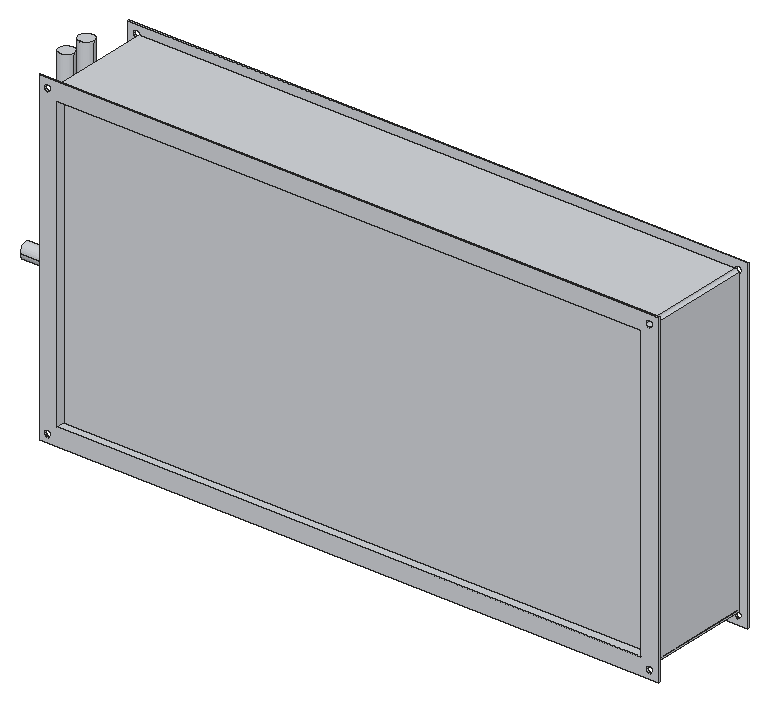
Revit family "4.Водяной нагреватель для прямоугольных каналов WWN", category Оборудование, Revit 2016
Family settings
  Тип детали = Нормальный
  Размер круглого соединителя = Использовать диаметр
  На основе рабочей плоскости = Нет
  Всегда вертикально = Да
  При загрузке вырезать с полостями = Нет
  Общий = Нет
  Точка расчета площади = Нет
Parameters (values of type "100-50/3")
  ножки(да/нет) [instance] = no
  буква справа [instance] = yes
  буква слева [instance] = yes
  Ширина = А  # 1000 mm
  Частотный преобразователь [instance] = no
  Частота вращения n, об/мин = ""
  Тип, марка, обозначение = "WWN 100-50/3"
  Теплопроизводительность, кВт = ""
  Сила тока J, А = ""
  Регулятор расхода [instance] = no
  Размер В = 1030 mm
  Раздел = "ОВ"
  Примечание = ""
  Позиция = ""
  Напряжение U,В = ""
  Наименование и тех.хар-ка = "Водяной нагреватель для прямоугольных каналов"  # constant formula
  Мощность двигателя N,Вт = ""
  Материал = Сталь серая
  Масса единицы = "19.8 кг"
  И1 = И - 4 mm  # 188 mm
  Заправочный объем, л = 5.30 m³
  Ж = 11 mm
  Код, оборудования = ""
  Ключевая пометка = "Вентиляция"
  Д = 1060 mm
  Задание электрикам [instance] = no
  Задание автоматчикам [instance] = no
  Завод изготовитель = "KORF"  # constant formula
  Единица измерения = "шт."  # constant formula
  И = 192 mm
  Г = 530 mm
  Е = 560 mm
  Высота = Б  # 500 mm
  Б = 500 mm
  А = 1000 mm
  К = 1142 mm
  d1 = 10 mm
  d = 25.4 mm
  Глубина среза = 15 mm
  DRAWING NAME = ""
Types (20, lengths in mm): name | Ширина | Тип, марка, обозначение | Размер В | Масса единицы | И1 | Заправочный объем, л | Ж | Д | И | Г | Е | Высота | Б | А | К
  30-15/2 | 300 | "WWN 30-15/2" | 320 | "4.1 кг" | 160 | 0.50 m³ | 9 | 340 | 164 | 170 | 190 | 150 | 150 | 300 | 432
  30-15/3 | 300 | "WWN 30-15/2" | 320 | "5.6 кг" | 188 | 0.60 m³ | 9 | 340 | 192 | 170 | 190 | 150 | 150 | 300 | 432
  40-20/2 | 400 | "WWN 40-20/2" | 420 | "5.6 кг" | 160 | 0.70 m³ | 9 | 440 | 164 | 220 | 240 | 200 | 200 | 400 | 532
  40-20/3 | 400 | "WWN 40-20/3" | 420 | "7.1 кг" | 188 | 1.00 m³ | 9 | 440 | 192 | 220 | 240 | 200 | 200 | 400 | 532
  50-25/2 | 500 | "WWN 50-25/2" | 520 | "6.6 кг" | 160 | 1.00 m³ | 9 | 540 | 164 | 270 | 290 | 250 | 250 | 500 | 632
  50-25/3 | 500 | "WWN 50-25/3" | 520 | "8.6 кг" | 188 | 1.40 m³ | 9 | 540 | 192 | 270 | 290 | 250 | 250 | 500 | 632
  50-30/2 | 500 | "WWN 50-30/2" | 520 | "7.1 кг" | 160 | 1.30 m³ | 9 | 540 | 164 | 320 | 340 | 300 | 300 | 500 | 632
  50-30/3 | 500 | "WWN 50-30/3" | 520 | "10.1 кг" | 188 | 1.80 m³ | 9 | 540 | 192 | 320 | 340 | 300 | 300 | 500 | 632
  60-30/2 | 600 | "WWN 60-30/2" | 620 | "8.1 кг" | 160 | 1.50 m³ | 9 | 640 | 164 | 320 | 340 | 300 | 300 | 600 | 732
  60-30/3 | 600 | "WWN 60-30/3" | 620 | "11.6 кг" | 188 | 2.00 m³ | 9 | 640 | 192 | 320 | 340 | 300 | 300 | 600 | 732
  60-35/2 | 600 | "WWN 60-35/2" | 620 | "8.8 кг" | 160 | 1.70 m³ | 9 | 640 | 164 | 370 | 390 | 350 | 350 | 600 | 732
  60-35/3 | 600 | "WWN 60-35/3" | 620 | "13.1 кг" | 188 | 2.30 m³ | 9 | 640 | 192 | 370 | 390 | 350 | 350 | 600 | 732
  70-40/2 | 700 | "WWN 70-40/2" | 720 | "10.6 кг" | 160 | 2.20 m³ | 9 | 740 | 164 | 420 | 440 | 400 | 400 | 700 | 832
  70-40/3 | 700 | "WWN 70-40/3" | 720 | "14.6 кг" | 188 | 3.00 m³ | 9 | 740 | 192 | 420 | 440 | 400 | 400 | 700 | 832
  80-50/2 | 800 | "WWN 80-50/2" | 820 | "13.5 кг" | 160 | 3.20 m³ | 9 | 840 | 164 | 520 | 540 | 500 | 500 | 800 | 932
  80-50/3 | 800 | "WWN 80-50/3" | 820 | "16.1 кг" | 188 | 4.40 m³ | 9 | 840 | 192 | 520 | 540 | 500 | 500 | 800 | 932
  90-50/2 | 900 | "WWN 90-50/2" | 930 | "16.4 кг" | 160 | 3.50 m³ | 11 | 960 | 164 | 530 | 560 | 500 | 500 | 900 | 1042
  90-50/3 | 900 | "WWN 90-50/3" | 930 | "17.6 кг" | 188 | 4.80 m³ | 11 | 960 | 192 | 530 | 560 | 500 | 500 | 900 | 1042
  100-50/2 | 1000 | "WWN 100-50/2" | 1030 | "18.5 кг" | 160 | 3.80 m³ | 11 | 1060 | 164 | 530 | 560 | 500 | 500 | 1000 | 1142
  100-50/3 | 1000 | "WWN 100-50/3" | 1030 | "19.8 кг" | 188 | 5.30 m³ | 11 | 1060 | 192 | 530 | 560 | 500 | 500 | 1000 | 1142
Reference planes
  plane 1 "По центру (Вперед/Назад)": y = 0
  plane 2: z = 0
  plane 3 "По центру (Влево/Вправо)": x = 0
  plane 4: y = -96
  plane 5: y = 96
  plane 6: x = -530
  plane 7: x = 530
  plane 8: z = -280
  plane 9: z = 280
  plane 10: x = -612
  plane 11: z = 265
  plane 12: z = -265
  plane 13: z = 250
  plane 14: z = -250
  plane 15: x = -515
  plane 16: x = -500
  plane 17: x = 515
  plane 18: x = 500
  plane 19: z = 50
  plane 20: z = -50
  plane 21: y = 21.5
  plane 22: y = -21.5
  plane 23: y = 94
  plane 24: y = -94
  plane 25: x = -543
  plane 26: y = -81
  plane 27: y = 81
Forms (mm)
  Extrusion 1, void, not visible
    sketch origin (-345, -245, 50) x (0, -1, 0) y (0, 0, -1)
      loop
        line (-477.965, -475) -> (-477.965, -450) -> (-528.913, -450) -> (-528.913, -475) -> (-477.965, -475)
    from -47.452 to 12
  Extrusion 2, solid, detail levels fine
    sketch origin (0, 0, 0) x (1, 0, 0) y (0, 0, 1)
      loop
        line (-530, 280) -> (-530, -280) -> (530, -280) -> (530, 280) -> (-530, 280)
    from -96 to 96
  Sweep 3, void, detail levels fine
    path in 3D
      loop
        line (-530, -96, 280) -> (-530, -96, -280) -> (530, -96, -280) -> (530, -96, 280) -> (-530, -96, 280)
    profile origin (0, -96, 280) x (0, -1, 0) y (0, 0, 1)
      loop
        line (-190, 0) -> (-190, -15) -> (-2, -15) -> (-2, 0) -> (-190, 0)
  Extrusion 4, solid, detail levels fine
    sketch origin (0, 0, 0) x (1, 0, 0) y (0, 1, 0)
      loop
        circle (-543, 21.5) r 12.7
      loop
        circle (-543, -21.5) r 12.7
    from -280 to 280
  Extrusion 5, solid, detail levels fine
    sketch origin (0, 0, 0) x (0, 1, 0) y (0, 0, 1)
      loop
        circle (21.5, 50) r 12.7
      loop
        circle (-21.5, -50) r 12.7
    from -612 to -543
  Extrusion 6, void
    sketch origin (0, 0, 0) x (1, 0, 0) y (0, 0, 1)
      loop
        circle (515, 265) r 5.5
      loop
        circle (515, -265) r 5.5
      loop
        circle (-515, -265) r 5.5
      loop
        circle (-515, 265) r 5.5
    from -96 to 96
  Extrusion 7, void
    sketch origin (0, 0, 0) x (1, 0, 0) y (0, 0, 1)
      loop
        line (-500, 250) -> (-500, -250) -> (500, -250) -> (500, 250) -> (-500, 250)
    from 81 to 96
  Extrusion 8, void
    sketch origin (0, 0, 0) x (1, 0, 0) y (0, 0, 1)
      loop
        line (500, 250) -> (-500, 250) -> (-500, -250) -> (500, -250) -> (500, 250)
    from -81 to -96
  Extrusion 9, solid, detail levels fine
    sketch origin (0, 0, 0) x (0, 1, 0) y (0, 0, 1)
      loop
        circle (21.5, 50) r 5
      loop
        circle (21.5, -50) r 5
      loop
        circle (-21.5, -50) r 5
      loop
        circle (-21.5, 50) r 5
    from -543 to -500
Cuts and joins
  Sweep 3, Extrusion 6, Extrusion 7, Extrusion 8 cuts Extrusion 2
  joined: Extrusion 2, Extrusion 4, Extrusion 5, Extrusion 9
Lines and regions (mm)
  sketch lines
    curve 1: line (530, -96, 280) -> (-530, -96, 280)
    curve 2: line (530, -96, -280) -> (530, -96, 280)
    curve 3: line (-530, -96, -280) -> (530, -96, -280)
    curve 4: line (-530, -96, 280) -> (-530, -96, -280)
  model lines, detail levels coarse
    curve 5: line (-530, 96, 0) -> (530, 96, 0)
    curve 6: line (-530, -96, 0) -> (-530, 96, 0)
    curve 7: line (530, -96, 0) -> (-530, -96, 0)
    curve 8: line (530, 96, 0) -> (530, -96, 0)
    curve 9: circle (0, 0, 0) r 79 normal (0, 0, 1)
    curve 10: line (0, 79, 0) -> (0, -79, 0)
    curve 11: line (-79, 0, 0) -> (79, 0, 0)
  model lines, detail levels medium
    curve 12: line (0, 96, 280) -> (0, -96, 280)
    curve 13: line (0, 96, -280) -> (0, 96, 280)
    curve 14: line (0, -96, -280) -> (0, 96, -280)
    curve 15: line (0, -96, 280) -> (0, -96, -280)
    curve 16: circle (0, -0.046, 0) r 46.59 normal (1, 0, 0)
    curve 17: line (0, -0.046, 46.59) -> (0, -0.046, -46.59)
    curve 18: line (0, 46.544, 0) -> (0, -46.636, 0)
  model lines, not visible, detail levels medium
    curve 19: circle (0, -0.046, 0) r 46.59 normal (1, 0, 0)
    curve 20: line (0, -0.046, 46.59) -> (0, -0.046, -46.59)
    curve 21: line (0, 46.544, 0) -> (0, -46.636, 0)
Dimensions and locks
  equal spacing: plane 4, plane 1 "По центру (Вперед/Назад)", plane 5
  equal spacing: plane 9, level, plane 8
  "Е": plane 9 to plane 8
  equal spacing: plane 7, plane 3 "По центру (Влево/Вправо)", plane 6
  "Д": plane 7 to plane 6
  "К": plane 7 to plane 10
  equal spacing: plane 18, plane 3 "По центру (Влево/Вправо)", plane 16
  "А": plane 18 to plane 16
  equal spacing: plane 17, plane 3 "По центру (Влево/Вправо)", plane 15
  "Размер В": plane 17 to plane 15
  equal spacing: plane 13, level, plane 14
  "Б": plane 13 to plane 14
  equal spacing: plane 11, level, plane 12
  "Г": plane 11 to plane 12
  equal spacing: plane 5, plane 1 "По центру (Вперед/Назад)", plane 4
  "И": plane 5 to plane 4
  equal spacing: plane 19, level, plane 20
  locked: plane 19 to plane 20 at 100
  equal spacing: plane 21, plane 1 "По центру (Вперед/Назад)", plane 22
  locked: plane 21 to plane 22 at 43
  "Глубина среза": Extrusion 2 to Sweep 3 sketch curve
  equal spacing: plane 23, plane 1 "По центру (Вперед/Назад)", plane 24
  "И1": plane 23 to plane 24
  locked: plane 25 to plane 6 at 13
  locked: plane 5 to plane 27 at 15
  locked: plane 26 to plane 4 at 15
  "d": diameter of Extrusion 4 sketch curve  (x2)
  "d": diameter of Extrusion 5 sketch curve  (x2)
  "Ж": diameter of Extrusion 6 sketch curve  (x4)
  "d1": diameter of Extrusion 9 sketch curve  (x4)
  aligned and locked: level to plane 2
  aligned and locked: Extrusion 2 to plane 9
  aligned and locked: Extrusion 2 to plane 7
  aligned and locked: Extrusion 2 to plane 8
  aligned and locked: Extrusion 2 to plane 6
  aligned and locked: Extrusion 2 to plane 5
  aligned and locked: Extrusion 2 to plane 4
  aligned and locked: plane 23 to Sweep 3 sketch curve
  aligned and locked: Sweep 3 sketch curve to plane 24
  aligned and locked: plane 9 to Extrusion 4
  aligned and locked: Extrusion 4 to plane 8
  aligned and locked: Extrusion 5 to plane 10
  aligned and locked: plane 25 to Extrusion 5
  aligned and locked: Extrusion 6 to plane 4
  aligned and locked: plane 5 to Extrusion 6
  aligned and locked: cut or joined group of Extrusion 2, Sweep 3, Extrusion 4, Extrusion 5, Extrusion 6, Extrusion 7, Extrusion 8, Extrusion 9 to plane 13  (x2)
  aligned and locked: cut or joined group of Extrusion 2, Sweep 3, Extrusion 4, Extrusion 5, Extrusion 6, Extrusion 7, Extrusion 8, Extrusion 9 to plane 18  (x2)
  aligned and locked: cut or joined group of Extrusion 2, Sweep 3, Extrusion 4, Extrusion 5, Extrusion 6, Extrusion 7, Extrusion 8, Extrusion 9 to plane 14  (x2)
  aligned and locked: cut or joined group of Extrusion 2, Sweep 3, Extrusion 4, Extrusion 5, Extrusion 6, Extrusion 7, Extrusion 8, Extrusion 9 to plane 16  (x2)
  aligned and locked: cut or joined group of Extrusion 2, Sweep 3, Extrusion 4, Extrusion 5, Extrusion 6, Extrusion 7, Extrusion 8, Extrusion 9 to plane 26
  aligned and locked: plane 5 to cut or joined group of Extrusion 2, Sweep 3, Extrusion 4, Extrusion 5, Extrusion 6, Extrusion 7, Extrusion 8, Extrusion 9
  aligned and locked: cut or joined group of Extrusion 2, Sweep 3, Extrusion 4, Extrusion 5, Extrusion 6, Extrusion 7, Extrusion 8, Extrusion 9 to plane 27
  aligned and locked: Extrusion 7 to plane 4
  aligned and locked: Extrusion 9 to plane 25
  aligned and locked: plane 16 to Extrusion 9
  aligned and locked: curve 5 to cut or joined group of Extrusion 2, Sweep 3, Extrusion 4, Extrusion 5, Extrusion 6, Extrusion 7, Extrusion 8, Extrusion 9
  aligned and locked: curve 6 to cut or joined group of Extrusion 2, Sweep 3, Extrusion 4, Extrusion 5, Extrusion 6, Extrusion 7, Extrusion 8, Extrusion 9
  aligned and locked: curve 7 to cut or joined group of Extrusion 2, Sweep 3, Extrusion 4, Extrusion 5, Extrusion 6, Extrusion 7, Extrusion 8, Extrusion 9
  aligned and locked: curve 8 to cut or joined group of Extrusion 2, Sweep 3, Extrusion 4, Extrusion 5, Extrusion 6, Extrusion 7, Extrusion 8, Extrusion 9
  aligned and locked: text3d elem to plane 18
  aligned and locked: curve 12 to cut or joined group of Extrusion 2, Sweep 3, Extrusion 4, Extrusion 5, Extrusion 6, Extrusion 7, Extrusion 8, Extrusion 9
  aligned and locked: curve 13 to cut or joined group of Extrusion 2, Sweep 3, Extrusion 4, Extrusion 5, Extrusion 6, Extrusion 7, Extrusion 8, Extrusion 9
  aligned and locked: curve 14 to cut or joined group of Extrusion 2, Sweep 3, Extrusion 4, Extrusion 5, Extrusion 6, Extrusion 7, Extrusion 8, Extrusion 9
  aligned and locked: curve 15 to cut or joined group of Extrusion 2, Sweep 3, Extrusion 4, Extrusion 5, Extrusion 6, Extrusion 7, Extrusion 8, Extrusion 9
  aligned and locked: plane 26 to text3d elem
  aligned and locked: text3d elem to plane 13  (x2)
  aligned and locked: text3d elem to plane 27
Automatic sketch dimensions
  Extrusion 2 sketch curve to plane 3 "По центру (Влево/Вправо)" = 530 mm
  plane 3 "По центру (Влево/Вправо)" to Extrusion 2 sketch curve = 530 mm
  Extrusion 2 sketch curve to level = 280 mm
  level to Extrusion 2 sketch curve = 280 mm
  plane 16 to Extrusion 7 sketch curve = 0 mm
  Extrusion 7 sketch curve to plane 18 = 0 mm
  plane 14 to Extrusion 7 sketch curve = 0 mm
  Extrusion 7 sketch curve to plane 13 = 0 mm
  plane 16 to Extrusion 8 sketch curve = 0 mm
  Extrusion 8 sketch curve to plane 18 = 0 mm
  plane 14 to Extrusion 8 sketch curve = 0 mm
  Extrusion 8 sketch curve to plane 13 = 0 mm
  plane 1 "По центру (Вперед/Назад)" to curve 11 = 0 mm
  curve 10 to plane 3 "По центру (Влево/Вправо)" = 0 mm
  plane 1 "По центру (Вперед/Назад)" to curve 9 = 0 mm
  curve 9 to plane 3 "По центру (Влево/Вправо)" = 0 mm
  plane 26 to curve 10 = 2 mm
  curve 17 to curve 16 = 0 mm
  curve 18 to curve 16 = 46.59 mm
  curve 16 to curve 18 = 0 mm
  curve 20 to curve 19 = 0 mm
  curve 21 to curve 19 = 46.59 mm
  curve 19 to curve 21 = 0 mm
  Sweep 3 sketch curve to profile plane = 0 mm
  plane 22 to Extrusion 4 sketch curve = 0 mm
  Extrusion 4 sketch curve to plane 25 = 0 mm  (x2)
  plane 21 to Extrusion 4 sketch curve = 0 mm
  Extrusion 5 sketch curve to plane 20 = 0 mm
  Extrusion 5 sketch curve to plane 22 = 0 mm
  Extrusion 5 sketch curve to plane 19 = 0 mm
  Extrusion 5 sketch curve to plane 21 = 0 mm
  Extrusion 6 sketch curve to plane 12 = 0 mm  (x2)
  plane 15 to Extrusion 6 sketch curve = 0 mm
  Extrusion 6 sketch curve to plane 11 = 0 mm  (x2)
  Extrusion 6 sketch curve to plane 15 = 0 mm
  plane 17 to Extrusion 6 sketch curve = 0 mm
  Extrusion 6 sketch curve to plane 17 = 0 mm
  Extrusion 9 sketch curve to plane 20 = 0 mm  (x2)
  Extrusion 9 sketch curve to plane 22 = 0 mm  (x2)
  Extrusion 9 sketch curve to plane 19 = 0 mm  (x2)
  Extrusion 9 sketch curve to plane 21 = 0 mm  (x2)
Nested families
  nested 1: "крепление 15мм" at (-330, 229.965, 495), type "крепление 15мм", not visible
Connectors
  hvac at (0, -96, 0), driven by "Высота", driven by "Ширина"
    settings: on cut or joined group of Extrusion 2, Sweep 3, Extrusion 4, Extrusion 5, Extrusion 6, Extrusion 7, Extrusion 8, Extrusion 9, index 1, duct flow 0.0 L/s, flow factor 0, pres drop 0.0 Pa, loss coef 0, conn angle 0.00°, conn width 1000 mm, conn height 500 mm, conn diameter 609.6 mm, duct sys type 28, conn prof type 1, flow config 0, flow direction 0, loss method 0, conn ref index 2, conn util no, is conn primary no, conn desc ""
  hvac at (0, 96, 0), driven by "Высота", driven by "Ширина"
    settings: on cut or joined group of Extrusion 2, Sweep 3, Extrusion 4, Extrusion 5, Extrusion 6, Extrusion 7, Extrusion 8, Extrusion 9, index 2, duct flow 0.0 L/s, flow factor 0, pres drop 0.0 Pa, loss coef 0, conn angle 0.00°, conn width 1000 mm, conn height 500 mm, conn diameter 609.6 mm, duct sys type 28, conn prof type 1, flow config 0, flow direction 0, loss method 0, conn ref index 1, conn util no, is conn primary yes, conn desc ""
  piping at (-612, 21.5, 50), diameter 25.4, driven by "d"
    settings: on cut or joined group of Extrusion 2, Sweep 3, Extrusion 4, Extrusion 5, Extrusion 6, Extrusion 7, Extrusion 8, Extrusion 9, index 3, connector inside diameter 609.6 mm, connector length 0 mm, flow factor 0, pipe flow 0.0 L/s, pressure drop 0.0 Pa, fitting loss kfactor 0, connector angle 0.00°, fixture units 0, engagement length 0 mm, angle of deflection 0.00°, flow configuration 0, flow direction 0, fitting loss method 0, system type 28, joint type 0, gender type 0, connector reference index -1, connector utility 0, adjustable connector no, is connector primary yes, connector description ""
  piping at (-612, -21.5, -50), diameter 25.4, driven by "d"
    settings: on cut or joined group of Extrusion 2, Sweep 3, Extrusion 4, Extrusion 5, Extrusion 6, Extrusion 7, Extrusion 8, Extrusion 9, index 4, connector inside diameter 609.6 mm, connector length 0 mm, flow factor 0, pipe flow 0.0 L/s, pressure drop 0.0 Pa, fitting loss kfactor 0, connector angle 0.00°, fixture units 0, engagement length 0 mm, angle of deflection 0.00°, flow configuration 0, flow direction 0, fitting loss method 0, system type 28, joint type 0, gender type 0, connector reference index -1, connector utility 0, adjustable connector no, is connector primary no, connector description ""
Definition of nested family "крепление 15мм"
  Parameters (values of type "крепление 15мм")
    Материал крепления = none
  Reference planes
    plane 1 "По центру (Вперед/Назад)": y = 0
    plane 2: z = 0
    plane 3 "По центру (Влево/Вправо)": x = 0
  Forms (mm)
    Extrusion 1, solid, material <- "Материал крепления"
      sketch origin (0, 0, 0) x (1, 0, 0) y (0, 1, 0)
        loop
          line (-25, 0) -> (0, 0) -> (0, 18.31) -> (0, 25) -> (-3, 25) -> (-3, 3) -> (-25, 3) -> (-25, 0)
      from 0 to 30
    Extrusion 2, void
      sketch origin (0, 0, 0) x (1, 0, 0) y (0, 1, 0)
        loop
          line (-3, 3) -> (-3, 54.96) -> (-58, 54.96) -> (-58, 3) -> (-3, 3)
      from 0 to 15
  Cuts and joins
    Extrusion 2 cuts Extrusion 1
  Dimensions and locks
    Extrusion 1 sketch curve to Extrusion 1 sketch curve = 3 mm  (x2)
    Extrusion 1 sketch curve to Extrusion 1 sketch curve to plane 3 "По центру (Влево/Вправо)" = 25 mm, 0 mm
    Extrusion 1 sketch curve to Extrusion 1 sketch curve = 25 mm
    aligned and locked: level to plane 2
